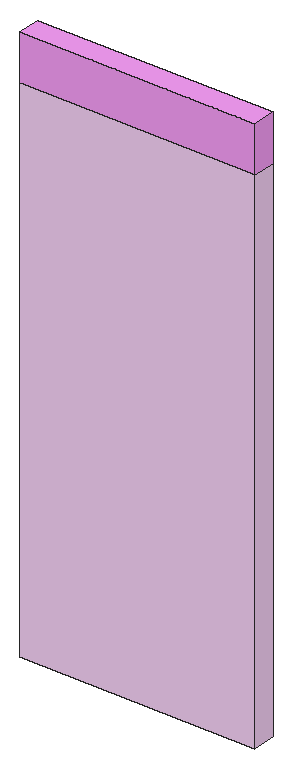
Revit family "EXP_WT-1E_CPan-003", category Curtain Panels, Revit 2021
Family settings
  OmniClass Number = 23.25.20.14.11.11.17
  OmniClass Title = Infill Panels
  Always vertical = Yes
  Cut with Voids When Loaded = No
  Shared = No
Parameters (values of type "H2 = 19' 4"")
  UI-UnitNumber [instance] = "001"
  UI-Quadrant [instance] = "SE"
  UI-ProjectAbbreviation = "NEU"
  UI-ItemCategory = "PID"
  UI-FloorNumber [instance] = "03"
  PNT-WallType = "WT1E"
  PNT-ProjectAbbreviation = "NEU"
  PNT-PanelType [instance] = "01"
  PNT-ItemCategory = "PDL"
  GlassH2 [instance] = IG-1F(Glass)
  GlassH1 [instance] = IG-3F(Glass)
  Define Thermal Properties by = Schematic Type
  CellSp = 0' - 10 3/16"
  CellL [instance] = 8' - 10"
  CellH2 = 19' - 4"
  CellH1 [instance] = CellH - CellH2  # 1' - 9"
  CellH [instance] = 21' - 1"
  Analytic Construction = "<None>"
Reference planes (in)
  plane 1 "Center (Front/Back)": y = 0
  plane 2: z = 0
  plane 3 "Center (Left/Right)": x = 0
  plane 4 "Left": x = -53
  plane 5 "Right": x = 53
  plane 6 "Top": z = 253
  plane 7: z = 232
  plane 8: y = -10.1875
Forms (in)
  Extrusion 1, solid, material "IG-1F(Glass)" <- "GlassH2"
    sketch origin (0, 0, 0) x (0, 1, 0) y (0, 0, 1)
      loop
        line (-10.1875, 232) -> (-10.1875, 0) -> (0, 0) -> (0, 232) -> (-10.1875, 232)
    from -53 to 53
  Extrusion 2, solid, material "IG-3F(Glass)" <- "GlassH1"
    sketch origin (0, 0, 0) x (0, 1, 0) y (0, 0, 1)
      loop
        line (-10.1875, 253) -> (-10.1875, 232) -> (0, 232) -> (0, 253) -> (-10.1875, 253)
    from -53 to 53
Text (in)
  text "Exterior" at (-92.59733, 55.75508, 0), in view "Ref. Level"
  text "Exterior" at (0, 90.18664, 173.49264), in view "Left"
  text "Exterior" at (0, 52.29083, 162.21847), in view "Right"
Dimensions and locks (in)
  equal spacing: plane 4 "Left", plane 3 "Center (Left/Right)", plane 5 "Right"  (x2)
  "CellH2": plane 2 to plane 7
  "CellH1": plane 7 to plane 6 "Top"
  Extrusion 2 sketch curve to Extrusion 2 sketch curve = 0' - 10 3/16"
  "CellL": plane 4 "Left" to plane 5 "Right"
  "CellH": plane 2 to plane 6 "Top"
  "CellSp": plane 8 to plane 1 "Center (Front/Back)"
  aligned and locked: level to plane 2
  aligned and locked: Extrusion 1 sketch curve to plane 7
  aligned and locked: plane 8 to Extrusion 1 sketch curve
  aligned and locked: level to Extrusion 1 sketch curve
  aligned and locked: Extrusion 1 sketch curve to plane 1 "Center (Front/Back)"
  aligned and locked: plane 4 "Left" to Extrusion 1
  aligned and locked: Extrusion 1 to plane 5 "Right"
  aligned and locked: plane 6 "Top" to Extrusion 2 sketch curve
  aligned and locked: plane 8 to Extrusion 2 sketch curve
  aligned and locked: Extrusion 2 to plane 5 "Right"
  aligned and locked: plane 4 "Left" to Extrusion 2
  aligned and locked: plane 1 "Center (Front/Back)" to Extrusion 2
  aligned and locked: nested 1 to Extrusion 1  (x2)
  aligned and locked: nested 1 to plane 5 "Right"
  aligned and locked: nested 2 to Extrusion 2  (x2)
  aligned and locked: nested 2 to level
  aligned and locked: plane 1 "Center (Front/Back)" to nested 3
  aligned and locked: plane 5 "Right" to nested 3
  aligned and locked: plane 4 "Left" to nested 3
  aligned and locked: Extrusion 2 to plane 6 "Top"
  aligned and locked: Extrusion 1 to level
Automatic sketch dimensions
  Extrusion 2 sketch curve to plane 7 = 0' - 0"
Nested families (in)
  nested 1: "EXP_WT-1A_DetO-001" at (-53, 0, 0), type "EXP_WT-1A_DetO-001"
    with built-in parameter 1001306 8.8333 (stored number, unit not read)
  nested 2: "EXP_WT-1A_DetO-003" at (0, 0, 253) x (0, 0, -1) z (1, 0, 0), CellH1 <- "CellH1", CellH2 <- "CellH2", type "EXP_WT-1A_DetO-003"
    with built-in parameter 1001306 21.083 (stored number, unit not read), CellH2 19' - 4", CellH1 1' - 9"
  nested 3: "EXP_xx_DetO-002" at (0, 0, 0), CellH <- "CellH", CellL <- "CellL", type "EXP_xx_DetO-002", detail levels coarse
    with CellL 8' - 10", CellH 21' - 1"
Definition of nested family "EXP_WT-1A_DetO-001"
  Parameters (values of type "EXP_WT-1A_DetO-001")
    built-in parameter 1001306 [instance] = 5' - 2.99213"
  Reference planes (in)
    plane 1 "Center (Front/Back)": y = 0
    plane 2: z = 0
    plane 3 "Left": x = 0
    plane 4 "Right": x = 62.99213
  Lines and regions (in)
    reference lines, in view "Ref. Level"
      curve 1: line (0, 0, 0) -> (62.99213, 0, 0)
    detail lines, in view "Ref. Level"
      curve 2: line (0.25, 0, 0) -> (0.5458, 0, 0)
      curve 3: line (0.25, 0, 0) -> (0.5458, 0, 0)
      curve 4: line (62.99213, -0.81795, 0) -> (62.99213, -10.1875, 0)
      curve 5: line (62.99213, -10.1875, 0) -> (60.99213, -10.1875, 0)
      curve 6: line (60.99213, -10.1875, 0) -> (60.99213, -2.43678, 0)
      curve 7: line (60.99213, -2.43678, 0) -> (62.44632, -2.43678, 0)
      curve 8: line (62.44632, -2.43678, 0) -> (62.44632, 0, 0)
      curve 9: line (62.44632, 0, 0) -> (62.74213, 0, 0)
      curve 10: line (62.74213, 0, 0) -> (62.74213, -0.81795, 0)
      curve 11: line (62.99213, -0.81795, 0) -> (62.74213, -0.81795, 0)
      curve 12: line (0.25, 0, 0) -> (0.25, -0.81795, 0)
      curve 13: line (0.25, 0, 0) -> (0.5458, 0, 0)
      curve 14: line (0, -0.81795, 0) -> (0.25, -0.81795, 0)
      curve 15: line (0, -0.81795, 0) -> (0, -10.1875, 0)
      curve 16: line (2, -10.1875, 0) -> (0, -10.1875, 0)
      curve 17: line (2, -2.43676, 0) -> (2, -10.1875, 0)
      curve 18: line (0.5458, -2.43676, 0) -> (2, -2.43676, 0)
      curve 19: line (0.5458, -2.43676, 0) -> (0.5458, 0, 0)
      curve 20: line (0.94241, 0, 0) -> (62.04971, 0, 0)
      curve 21: line (0.94241, -1.31, 0) -> (0.94241, 0, 0)
      curve 22: line (0.94241, -1.31, 0) -> (62.04971, -1.31, 0)
      curve 23: line (62.04971, -1.31, 0) -> (62.04971, 0, 0)
  Dimensions and locks (in)
    "built-in parameter 1001306": plane 3 "Left" to plane 4 "Right"
    aligned and locked: plane 1 "Center (Front/Back)" to curve 1
    aligned and locked: plane 3 "Left" to curve 1
    aligned and locked: plane 4 "Right" to curve 1
    aligned and locked: curve 4 to plane 4 "Right"
    aligned and locked: curve 1 to curve 13
    aligned and locked: curve 15 to plane 3 "Left"
    aligned and locked: curve 1 to curve 20
    aligned and locked: curve 5 to curve 16
  Automatic sketch dimensions
    plane 1 "Center (Front/Back)" to curve 9 = 0' - 0"
    curve 2 to curve 2 = 0' - 0.2958"
    curve 7 to plane 4 "Right" = 0' - 2"
    curve 9 to plane 4 "Right" = 0' - 0.5458"
    curve 10 to curve 4 = 0' - 0 1/4"
    plane 1 "Center (Front/Back)" to curve 4 = 0' - 0.81795"
    curve 7 to curve 10 = 0' - 1.61883"
    curve 5 to curve 7 = 0' - 7.75072"
    plane 1 "Center (Front/Back)" to curve 15 = 0' - 0.81795"
    plane 3 "Left" to curve 16 = 0' - 2"
    curve 17 to curve 12 = 0' - 1.61881"
    plane 3 "Left" to curve 20 = 0' - 0.94241"
    curve 23 to curve 10 = 0' - 0.69242"
    curve 23 to curve 10 = 0' - 0.49205"
    plane 3 "Left" to curve 14 = 0' - 0 1/4"
Definition of nested family "EXP_WT-1A_DetO-003"
  Parameters (values of type "EXP_WT-1A_DetO-003")
    built-in parameter 1001306 [instance] = 12' - 11"
    CellH2 [instance] = 9' - 8"
    CellH1 [instance] = 3' - 3"
    CellH [instance] = 12' - 11"
  Reference planes (in)
    plane 1 "Center (Front/Back)": y = 0
    plane 2: z = 0
    plane 3 "Left": x = 0
    plane 4 "Right": x = 155
    plane 5: x = 39
  Lines and regions (in)
    reference lines, in view "Ref. Level"
      curve 1: line (0, 0, 0) -> (155, 0, 0)
    detail lines, in view "Ref. Level"
      curve 2: line (37.25001, -10.1875, 0) -> (37.25001, -2.41263, 0)
      curve 3: line (37.25001, -2.41263, 0) -> (40.74999, -2.41263, 0)
      curve 4: line (40.74999, -2.41263, 0) -> (40.74999, -10.1875, 0)
      curve 5: line (40.74999, -10.1875, 0) -> (37.25001, -10.1875, 0)
      curve 6: line (39.27639, -2.185, 0) -> (39.27639, 0, 0)
      curve 7: line (39.27639, 0, 0) -> (153.80789, 0, 0)
      curve 8: line (153.80789, -2.185, 0) -> (39.27639, -2.185, 0)
      curve 9: line (38.52639, -1.31, 0) -> (38.52639, 0, 0)
      curve 10: line (38.52639, 0, 0) -> (1.19241, 0, 0)
      curve 11: line (38.52639, -1.31, 0) -> (1.19241, -1.31, 0)
      curve 12: line (0, -10.1875, 0) -> (2.125, -10.1875, 0)
      curve 13: line (0, -0.81812, 0) -> (0, -10.1875, 0)
      curve 14: line (0.5, 0, 0) -> (0.5, -0.81812, 0)
      curve 15: line (0.5, 0, 0) -> (0.7958, 0, 0)
      curve 16: line (0, -0.81812, 0) -> (0.5, -0.81812, 0)
      curve 17: line (0.7958, -2.43676, 0) -> (0.7958, 0, 0)
      curve 18: line (2.125, -2.43676, 0) -> (0.7958, -2.43676, 0)
      curve 19: line (2.125, -10.1875, 0) -> (2.125, -2.43676, 0)
      curve 20: line (1.19241, -1.31, 0) -> (1.19241, 0, 0)
      curve 21: line (155, 60, 0) -> (155, -10.1875, 0)
      curve 22: line (155, -10.1875, 0) -> (151.625, -10.1875, 0)
      curve 23: line (151.625, -10.1875, 0) -> (151.625, -2.43679, 0)
      curve 24: line (151.625, -2.43679, 0) -> (154.2042, -2.43679, 0)
      curve 25: line (154.2042, -2.43679, 0) -> (154.2042, 0, 0)
      curve 26: line (154.5, 0, 0) -> (154.5, -0.81812, 0)
      curve 27: line (154.2042, 0, 0) -> (154.5, 0, 0)
      curve 28: line (155, -0.81812, 0) -> (154.5, -0.81812, 0)
      curve 29: line (155, -0.81812, 0) -> (155, -10.1875, 0)
      curve 30: line (153.80789, -2.185, 0) -> (153.80789, 0, 0)
  Dimensions and locks (in)
    "built-in parameter 1001306": plane 3 "Left" to plane 4 "Right"
    "CellH": plane 3 "Left" to plane 4 "Right"
    "CellH2": plane 5 to plane 4 "Right"
    "CellH1": plane 3 "Left" to plane 5
    aligned and locked: plane 1 "Center (Front/Back)" to curve 1
    aligned and locked: plane 3 "Left" to curve 1
    aligned and locked: plane 4 "Right" to curve 1
    aligned and locked: curve 1 to curve 7
    aligned and locked: curve 10 to plane 1 "Center (Front/Back)"
    aligned and locked: curve 13 to plane 3 "Left"
    aligned and locked: curve 1 to curve 15
    aligned and locked: curve 21 to plane 4 "Right"
    aligned and locked: curve 29 to plane 4 "Right"
    aligned and locked: curve 5 to curve 12
    aligned and locked: curve 22 to curve 5
  Automatic sketch dimensions
    plane 5 to curve 3 = 0' - 1 3/4"
    plane 1 "Center (Front/Back)" to curve 3 = 0' - 2.41263"
    curve 5 to plane 5 = 0' - 1 3/4"
    plane 5 to curve 6 = 0' - 0.27639"
    curve 6 to curve 6 = 0' - 2.185"
    curve 9 to plane 5 = 0' - 0.47361"
    plane 1 "Center (Front/Back)" to curve 13 = 0' - 0.81812"
    plane 3 "Left" to curve 14 = 0' - 0 1/2"
    curve 14 to curve 17 = 0' - 0.2958"
    curve 17 to curve 18 = 0' - 1.3292"
    curve 18 to curve 14 = 0' - 1.61864"
    curve 14 to curve 20 = 0' - 0.69242"
    curve 20 to curve 14 = 0' - 0.49188"
    curve 21 to plane 1 "Center (Front/Back)" = 5' - 0"
    curve 24 to curve 24 = 0' - 2.5792"
    plane 1 "Center (Front/Back)" to curve 27 = 0' - 0"
    curve 25 to curve 26 = 0' - 0.2958"
    curve 28 to curve 28 = 0' - 0 1/2"
    curve 30 to curve 24 = 0' - 0.39631"
    curve 24 to curve 30 = 0' - 0.25179"
    plane 1 "Center (Front/Back)" to curve 26 = 0' - 0.81812"
    curve 22 to curve 24 = 0' - 7.75071"
Definition of nested family "EXP_xx_DetO-002"
  Parameters (values of type "EXP_xx_DetO-002")
    Default Elevation = 0' - 0"
    CellL [instance] = 5' - 4.56693"
    CellH [instance] = 5' - 2.99213"
  Reference planes (in)
    plane 1 "Center (Front/Back)": y = 0
    plane 2: z = 0
    plane 3 "Center (Left/Right)": x = 0
    plane 4: x = -32.28346
    plane 5: x = 32.28346
    plane 6: z = 62.99213
  Lines and regions (in)
    model lines
      curve 1: line (-32.28346, 0, 62.99213) -> (32.28346, 0, 0)
      curve 2: line (32.28346, 0, 62.99213) -> (-32.28346, 0, 0)
  Dimensions and locks (in)
    "CellH": plane 6 to level
    equal spacing: plane 4, plane 3 "Center (Left/Right)", plane 5
    "CellL": plane 4 to plane 5
    aligned and locked: level to plane 2
  Automatic sketch dimensions
    curve 2 to level = 0' - 0"
    plane 4 to curve 2 = 0' - 0"
    plane 4 to curve 1 = 0' - 0"
    plane 5 to curve 2 = 0' - 0"
    curve 1 to level = 0' - 0"
    plane 5 to curve 1 = 0' - 0"
    curve 2 to plane 6 = 0' - 0"
    curve 1 to plane 6 = 0' - 0"
